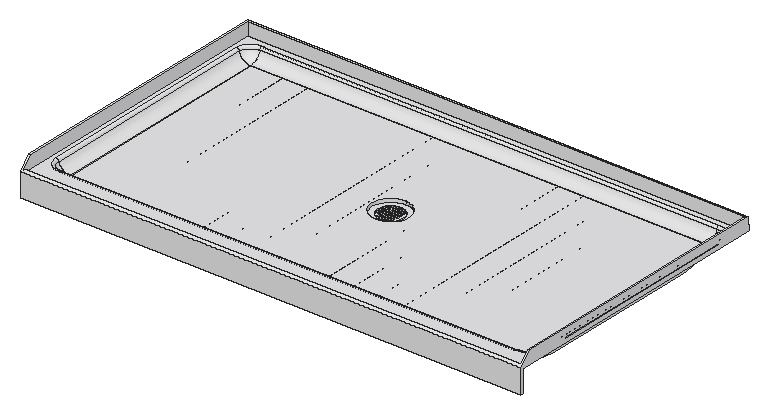
Revit family "Shower-Receptor-Sterling-Guard-72331100", category Plumbing Fixtures, host Face, Revit 2015 (continued)
Definition of nested family "K-72331100"
  Lines and regions (in)
    symbolic lines
      curve 162: arc (1.55562, -0.30757, -1.83027) -> (1.59097, -0.32221, -1.83027) -> (1.60562, -0.35757, -1.83027) r 0.05
      curve 163: line (1.60562, -0.35757, -1.83027) -> (1.60562, -0.66382, -1.83027)
      curve 164: arc (1.60562, -0.66382, -1.83027) -> (1.59097, -0.69917, -1.83027) -> (1.55562, -0.71382, -1.83027) r 0.05
      curve 165: line (1.55562, -0.71382, -1.83027) -> (1.25562, -0.71382, -1.83027)
      curve 166: arc (1.25562, -0.71382, -1.83027) -> (1.22026, -0.69917, -1.83027) -> (1.20562, -0.66382, -1.83027) r 0.05
      curve 167: line (1.71671, -0.67341, -1.83027) -> (1.71671, -0.36716, -1.83027)
      curve 168: arc (1.71671, -0.36716, -1.83027) -> (1.73135, -0.33181, -1.83027) -> (1.76671, -0.31716, -1.83027) r 0.05
      curve 169: line (1.76671, -0.31716, -1.83027) -> (2.06671, -0.31716, -1.83027)
      curve 170: arc (2.06671, -0.31716, -1.83027) -> (2.10206, -0.33181, -1.83027) -> (2.11671, -0.36716, -1.83027) r 0.05
      curve 171: line (2.11671, -0.36716, -1.83027) -> (2.11671, -0.67341, -1.83027)
      curve 172: arc (2.11671, -0.67341, -1.83027) -> (2.10206, -0.70877, -1.83027) -> (2.06671, -0.72341, -1.83027) r 0.05
      curve 173: line (2.06671, -0.72341, -1.83027) -> (1.76671, -0.72341, -1.83027)
      curve 174: arc (1.76671, -0.72341, -1.83027) -> (1.73135, -0.70877, -1.83027) -> (1.71671, -0.67341, -1.83027) r 0.05
      curve 175: line (-0.07952, -1.13811, -1.83027) -> (-0.07952, -0.83186, -1.83027)
      curve 176: arc (-0.07952, -0.83186, -1.83027) -> (-0.06487, -0.7965, -1.83027) -> (-0.02952, -0.78186, -1.83027) r 0.05
      curve 177: line (-0.02952, -0.78186, -1.83027) -> (0.27048, -0.78186, -1.83027)
      curve 178: arc (0.27048, -0.78186, -1.83027) -> (0.30584, -0.7965, -1.83027) -> (0.32048, -0.83186, -1.83027) r 0.05
      curve 179: line (0.32048, -0.83186, -1.83027) -> (0.32048, -1.13811, -1.83027)
      curve 180: arc (0.32048, -1.13811, -1.83027) -> (0.30584, -1.17346, -1.83027) -> (0.27048, -1.18811, -1.83027) r 0.05
      curve 181: line (0.27048, -1.18811, -1.83027) -> (-0.02952, -1.18811, -1.83027)
      curve 182: arc (-0.02952, -1.18811, -1.83027) -> (-0.06487, -1.17346, -1.83027) -> (-0.07952, -1.13811, -1.83027) r 0.05
      curve 183: line (0.46899, -1.13811, -1.83027) -> (0.46899, -0.83186, -1.83027)
      curve 184: arc (0.46899, -0.83186, -1.83027) -> (0.48364, -0.7965, -1.83027) -> (0.51899, -0.78186, -1.83027) r 0.05
      curve 185: line (0.51899, -0.78186, -1.83027) -> (0.81899, -0.78186, -1.83027)
      curve 186: arc (0.81899, -0.78186, -1.83027) -> (0.85435, -0.7965, -1.83027) -> (0.86899, -0.83186, -1.83027) r 0.05
      curve 187: line (0.86899, -0.83186, -1.83027) -> (0.86899, -1.13811, -1.83027)
      curve 188: arc (0.86899, -1.13811, -1.83027) -> (0.85435, -1.17346, -1.83027) -> (0.81899, -1.18811, -1.83027) r 0.05
      curve 189: line (0.81899, -1.18811, -1.83027) -> (0.51899, -1.18811, -1.83027)
      curve 190: arc (0.51899, -1.18811, -1.83027) -> (0.48364, -1.17346, -1.83027) -> (0.46899, -1.13811, -1.83027) r 0.05
      curve 191: line (0.96985, -1.15003, -1.83027) -> (0.96985, -0.84378, -1.83027)
      curve 192: arc (0.96985, -0.84378, -1.83027) -> (0.98449, -0.80843, -1.83027) -> (1.01985, -0.79378, -1.83027) r 0.05
      curve 193: line (1.01985, -0.79378, -1.83027) -> (1.31985, -0.79378, -1.83027)
      curve 194: arc (1.31985, -0.79378, -1.83027) -> (1.3552, -0.80843, -1.83027) -> (1.36985, -0.84378, -1.83027) r 0.05
      curve 195: line (1.36985, -0.84378, -1.83027) -> (1.36985, -1.15003, -1.83027)
      curve 196: arc (1.36985, -1.15003, -1.83027) -> (1.3552, -1.18539, -1.83027) -> (1.31985, -1.20003, -1.83027) r 0.05
      curve 197: line (1.31985, -1.20003, -1.83027) -> (1.01985, -1.20003, -1.83027)
      curve 198: arc (1.01985, -1.20003, -1.83027) -> (0.98449, -1.18539, -1.83027) -> (0.96985, -1.15003, -1.83027) r 0.05
      curve 199: line (1.45792, -1.13822, -1.83027) -> (1.45792, -0.83197, -1.83027)
      curve 200: arc (1.45792, -0.83197, -1.83027) -> (1.47257, -0.79661, -1.83027) -> (1.50792, -0.78197, -1.83027) r 0.05
      curve 201: line (1.50792, -0.78197, -1.83027) -> (1.80792, -0.78197, -1.83027)
      curve 202: arc (1.80792, -0.78197, -1.83027) -> (1.84328, -0.79661, -1.83027) -> (1.85792, -0.83197, -1.83027) r 0.05
      curve 203: line (1.85792, -0.83197, -1.83027) -> (1.85792, -1.13822, -1.83027)
      curve 204: arc (1.85792, -1.13822, -1.83027) -> (1.84328, -1.17358, -1.83027) -> (1.80792, -1.18822, -1.83027) r 0.05
      curve 205: line (1.80792, -1.18822, -1.83027) -> (1.50792, -1.18822, -1.83027)
      curve 206: arc (1.50792, -1.18822, -1.83027) -> (1.47257, -1.17358, -1.83027) -> (1.45792, -1.13822, -1.83027) r 0.05
  Dimensions and locks (in)
    aligned and locked: plane 2 to level
Types (3): name | Waste Connection | Type | Model | Finish
  (no name) | yes | 1 | "72331100-0-White" | China - Kohler - 0 - White
  0-White | yes | 1 | "72331100-0-White" | China - Kohler - 0 - White
  96-Biscuit | no | 2 | "72331100-96-Biscuit" | China - Kohler - 96- Biscuit
